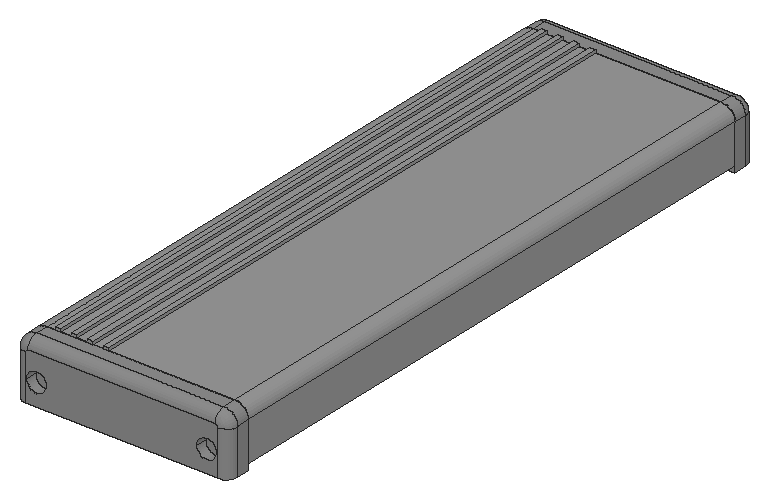
Revit family "JC KONTAKTER JCK207 FI", category Specialty Equipment, host Face, Revit 2025
Family settings
  Host = Face
  Round Connector Dimension = Use Diameter
  Part Type = Normal
  Enable Cutting in Views = Yes
  Cut with Voids When Loaded = No
  Maintain Annotation Orientation = Yes
  Shared = No
  Room Calculation Point = No
Parameters (values of type "JCK207")
  Valmistusmaa = "Ruotsi"
  URL = "https://www.jckontakter.fi/produkt/kyynarkytkin/kyynarkytkin-metalli/kyynarkytkin-jck207/"
  Tuotteen paino = "0.305 kg"
  Tekniken tuotekortti = "https://www.jckontakter.fi/wp-content/uploads/sites/4/Tekninen-tuotekortti_JCK207.245_FI.pdf"
  Päätypäät = POM Tenac C 4520
  Pienin nimellisvirta = "12V Resistiivinen 6A Induktiivinen L/R 5ms 6A, 24V Resistiivinen 6A Induktiivinen L/R 5ms 5A"
  Nimellisestä nimellisvirrasta = "1mA/4 V DC"
  Model = "JCK207"
  Mikrokytkin = "Standar NO IP67"
  Mikrokytkimien määrä = 1
  Manufacturer = "JC Kontakter"
  Kansi = Aluminum ENAW 6060
  Description = "Kyynärkytkin, valmistettu hopeanväriseksi anodisoidusta alumiinista, jossa on mustat muoviset päätykappaleet. Neljä merkintäviivaa painikkeen pinnassa osoittavat, mistä kohtaa kytkintä tulee painaa oven avaamisen aktivoimiseksi. Varustettu kosteussuojatulla mikrokytkimellä, jonka suojausluokitus on IP67. Sopii käytettäväksi sekä sisä- että ulkotiloissa."
  Default Elevation = 800 mm
  Kotelo = Aluminum ENAW 6060
  CE asiakirja = "https://jckontakter.se/wp-content/uploads/CE_Dokument.pdf"
Reference planes
  plane 1 "Center (Front/Back)": y = 0
  plane 2: z = 0
  plane 3 "Center (Left/Right)": x = 0
  plane 4 "A": y = -122.5
Lines and regions (mm)
  symbolic lines
    curve 1: line (-50, 0, 50) -> (50, 0, 50)
    curve 2: line (-50, 0, 0) -> (-50, 0, 50)
    curve 3: line (50, 0, 0) -> (-50, 0, 0)
    curve 4: line (50, 0, 50) -> (50, 0, 0)
    curve 5: line (-40, 117.5, 0) -> (40, 117.5, 0)
    curve 6: line (-40, -122.5, 0) -> (-40, 117.5, 0)
    curve 7: line (40, -122.5, 0) -> (-40, -122.5, 0)
    curve 8: line (40, 117.5, 0) -> (40, -122.5, 0)
Text (mm)
  text "Poista tämä tunniste ennen käyttöä.\n\nSijoitusohjeet:\n\n1. Lataa projektiin.\n2. Vie kursori sen pinnan päälle, johon perhe tullaan sijoittamaan.\n3. Jos perhe näkyy kiertyneenä, valitse asetus \"kierrä sijoittamisen jälkeen\".\n4. Napsauta haluttua pintaa.\n5. Kirjoita haluttu kulma.\n6. Paina Enter." at (123.173, 1072.34, 0), in view "Ref. Level"
Dimensions and locks
  aligned and locked: plane 2 to host face
  aligned and locked: level to host face
Nested families
  nested 1: "AK_207" at (0, -122.5, 0) x (1, 0, 0) z (0, 1, 0), type "AK_207"
Definition of nested family "AK_207"
  Parameters (values of type "AK_207")
    Default Elevation = 1219.2 mm
    Core Finish = none
    URL = "https://jckontakter.se/produkt/armbagskontakter-metall/armbagskontakt-i-aluminium-jck207/"
    Model = "JCK207"  # constant formula
    Manufacturer = "JC Kontakter"  # constant formula
    Lid Finish = none
    End Cap Finish = none
    Description = "JCK207 tillhör en serie armbågskontakter som har en plan tryckyta med fyra taktila rillor i. Rillorna fungerar som extra vägledning för personer med synnedsättning. Man kan enkelt känna sig till vart man ska trycka för att aktivera dörröppning. JCK207 är tillverkad i silvereloxerad aluminium och har mörkgrå endcaps. Den levereras med 1st mikrobrytare i IP67."  # constant formula
  Types (2): name
    AK_207
    AK 207
  Reference planes
    plane 1 "Center (Front/Back)": y = 0
    plane 2: z = 0
    plane 3 "Center (Left/Right)": x = 0
    plane 4 "1": x = 40
    plane 5 "A": z = 9
    plane 6 "B": z = 236
  Forms (mm)
    Extrusion 1, solid, material <- "Core Finish", detail levels medium+fine
      sketch origin (40, 0, 9) x (1, 0, 0) y (0, 1, 0)
        loop
          line (-80, 0) -> (-80, -1.2) -> (-75, -1.2) -> (-75, -8.75) -> (-73.2, -8.75) -> (-73.2, -1.2) -> (-11.2, -1.2) -> (-11.2, -8.75) -> (-2.249, -8.75)
          arc (-2.249, -8.75) -> (-3.331, -3.54) -> (-8.11, -1.2) r 6.05
          line (-8.11, -1.2) -> (-5.54, -1.2) -> (-5.54, 0) -> (-80, 0)
      from 0 to 227
    Extrusion 2, solid, material <- "Lid Finish", detail levels medium+fine
      sketch origin (-40, 0, 9) x (-1, 0, 0) y (0, -1, 0)
        loop
          line (-3.92, 11.41) -> (-0.92, 6.4) -> (0, 6.4) -> (0, 16.83)
          arc (0, 16.83) -> (-1.464, 20.366) -> (-5, 21.83) r 5
          line (-5, 21.83) -> (-8, 21.83) -> (-8, 22.83) -> (-10, 22.83) -> (-10, 21.83) -> (-14, 21.83) -> (-14, 22.83) -> (-16, 22.83) -> (-16, 21.83) -> (-20, 21.83) -> (-20, 22.83) -> (-22, 22.83) -> (-22, 21.83) -> (-26, 21.83) -> (-26, 22.83) -> (-28, 22.83) -> (-28, 21.83) -> (-75, 21.83)
          arc (-75, 21.83) -> (-78.536, 20.366) -> (-80, 16.83) r 5
          line (-80, 16.83) -> (-80, 2.38) -> (-78.4, 2.38) -> (-78.4, 11.41) -> (-3.92, 11.41)
      from 0 to 227
    Extrusion 3, solid, material <- "End Cap Finish", detail levels medium+fine
      sketch origin (-40, 0, 0) x (1, 0, 0) y (0, 1, 0)
        loop
          arc (0, -16.83) -> (1.464, -20.366) -> (5, -21.83) r 5
          line (5, -21.83) -> (75, -21.83)
          arc (75, -21.83) -> (78.536, -20.366) -> (80, -16.83) r 5
          line (80, -16.83) -> (80, 0) -> (0, 0) -> (0, -16.83)
      from 0 to 9
    Sweep 4, void
      path origin (0, 0, 0) x (1, 0, 0) y (0, 1, 0)
        loop
          line (42, 0) -> (42, -16.83)
          arc (42, -16.83) -> (39.95, -21.78) -> (35, -23.83) r 7
          line (35, -23.83) -> (-35, -23.83)
          arc (-35, -23.83) -> (-39.95, -21.78) -> (-42, -16.83) r 7
          line (-42, -16.83) -> (-42, 0)
      profile origin (0, -23.83, 0) x (0, -1, 0) y (0, 0, 1)
        loop
          line (-1, 4) -> (-2, 4)
          arc (-2, 4) -> (-3.172, 1.172) -> (-6, 0) r 4
          line (-6, 0) -> (-6, -1) -> (-1, -1) -> (-1, 4)
    Extrusion 5, solid, material <- "End Cap Finish", detail levels medium+fine
      sketch origin (0, 0, 236) x (-1, 0, 0) y (0, -1, 0)
        loop
          arc (40, 16.83) -> (38.536, 20.366) -> (35, 21.83) r 5
          line (35, 21.83) -> (-35, 21.83)
          arc (-35, 21.83) -> (-38.536, 20.366) -> (-40, 16.83) r 5
          line (-40, 16.83) -> (-40, 0) -> (40, 0) -> (40, 16.83)
      from 0 to 9
    Sweep 6, void
      path origin (0, 0, 236) x (-1, 0, 0) y (0, -1, 0)
        loop
          line (-42, 0) -> (-42, 16.83)
          arc (-42, 16.83) -> (-39.95, 21.78) -> (-35, 23.83) r 7
          line (-35, 23.83) -> (35, 23.83)
          arc (35, 23.83) -> (39.95, 21.78) -> (42, 16.83) r 7
          line (42, 16.83) -> (42, 0)
      profile origin (0, -23.83, 236) x (0, -1, 0) y (0, 0, 1)
        loop
          line (-1, 5) -> (-1, 10) -> (-6, 10) -> (-6, 9)
          arc (-6, 9) -> (-3.172, 7.828) -> (-2, 5) r 4
          line (-2, 5) -> (-1, 5)
    Extrusion 7, void
      sketch origin (0, 0, 0) x (1, 0, 0) y (0, 1, 0)
        loop
          circle (-31.75, -8.25) r 3.75
        loop
          circle (31.75, -8.25) r 3.75
      from 0 to 4
  Cuts and joins
    Sweep 4, Sweep 6, Extrusion 7 cuts Extrusion 3
    Sweep 6 cuts Extrusion 5
  Dimensions and locks
    aligned and locked: level to plane 2
